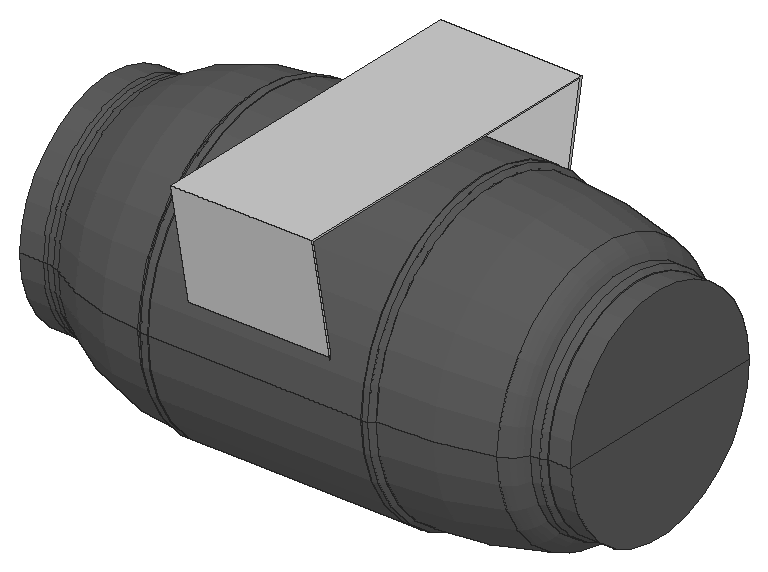
Revit family "90002106 - Aventa Silent AVS 315 - BIM file", category Mechanical Equipment, Revit 2023
Family settings
  Round Connector Dimension = Use Diameter
  Classification = None
  Part Type = Breaks Into
  OmniClass Number = 23.75.35.17.11
  OmniClass Title = Fans for Air Ductwork
  Work Plane-Based = No
  Always vertical = No
  Cut with Voids When Loaded = No
  Maintain Annotation Orientation = No
  Shared = No
  Room Calculation Point = No
Parameters (values of type "Aventa Silent AVS315 Basic")
  Weight = 25.00 kg
  Voltage = 230 V
  URL = "https://www.airflow.com/"
  Type Comments = "Inline fan single speed up to 1570m3/h"
  Transported Air Temperature (°C) = "-25...+60"
  RPM (min-1) = 2430
  R1 = D1 / 2  # 216 mm
  Protection rating = "IPX4"
  Power Factor = 1
  Number of Poles = 1
  Noise Level at 3 m (dBa) = 36
  Mounting Hanger [instance] = yes
  Material finish = "Polymer Coated Steel"
  Maintenance Zone Length Calc = if(Maintenance Zone Length < L, L, Maintenance Zone Length)  # 780 mm
  L27 = 10 mm
  L26 = 6 mm
  L25 = L21 - L22 - L23 - L24 - L26 - L27  # 154 mm
  L24 = 27 mm
  L21 = 218 mm
  L17 = 10 mm
  L16 = 6 mm
  L15 = L11 - L12 - L13 - L14 - L16 - L17  # 153 mm
  L14 = 10 mm
  L11 = 195 mm
  HangerW = 200 mm
  HangerL1 = 396 mm
  HangerL = 478 mm
  HangerH = HangerBaseH  # 219 mm
  HangerExtraL = no
  HangerBaseH = 219 mm
  Model = "Aventa Silent AVS315 Basic"
  Manufacturer = "Airflow"
  Maintenance Zone Width = 600 mm
  Maintenance Zone Material = Maintenance Zone
  Maintenance Zone Length = 600 mm
  Maintenance Zone Height = 600 mm
  Maintenance Zone [instance] = no
  Load Classification = HVAC
  L23 = 13 mm
  L22 = 8 mm
  L2 = 32 mm
  L13 = 8 mm
  L12 = 8 mm
  L1 = 32 mm
  L = 780 mm
  Hanger Material = Metal Zinc
  Flow direction symbol [instance] = yes
  Flow Factor [instance] = 1  # constant formula
  Family Version = "1.0"  # constant formula
  ElBoxW = 104 mm
  ElBoxR = 15 mm  # constant formula
  ElBoxL = 104 mm
  ElBoxH = 53 mm
  Distribution Box Material = Distribution Box Dark Grey
  Dimensions = "(H) 434 x (W) 780 x (D) 520mm"
  Description = "Inline mixed-flow fan suitable for domestic and light commercial facilities"
  Default Elevation = 0 mm
  Dd26 = 52 mm
  Dd24 = 30 mm
  Dd22 = 5 mm
  Dd23 = 6 mm
  Dd16 = 55 mm
  Dd14 = 6 mm
  Dd13 = 2 mm
  Dd12 = 1 mm
  D1 = 432 mm
  D = 315 mm
  Copyright = "©Airflow"
  Duct Connection Size = 315 mm
  Fan Material = Metal Black
  Maximum Air Flow = 1570 m³/h
  Airflow part no = "90002106"
  Air Flow [instance] = 0 m³/h
  Power = 230 W
  Current = 1 A
  Apparent Power = Power / Power Factor  # 230 VA
Types (2, lengths in mm): name | Voltage | Type Comments | Noise Level at 3 m (dBa) | Model | Maximum Air Flow | Airflow part no | Power | Current | Apparent Power
  Aventa Silent AVS315 Basic | 230 V | "Inline fan single speed up to 1570m3/h" | 36 | "Aventa Silent AVS315 Basic" | 1570 m³/h | "90002106" | 230 W | 1 A | 230 VA
  Aventa Silent AV315 Timer | 330 V | "Inline fan single speed up to 2050m3/h" | 40 | "Aventa Silent AVS315 Timer" | 2050 m³/h | "90002123" | 330 W | 1.42 A | 330 VA
Reference planes
  plane 1 "Center (Front/Back)": y = 0
  plane 2: z = 0
  plane 3 "Center (Left/Right)": x = 0
  plane 4: y = 157.5
  plane 5: y = -157.5
  plane 6: y = 216
  plane 7: y = -216
  plane 8: x = 780
  plane 9 "C": x = 530
  plane 10: x = 227
  plane 11 "CenterL": x = 390
  plane 12: x = 32
  plane 13: x = 217
  plane 14: y = 158.5
  plane 15 "CenterOfCentralPart": x = 378.5
  plane 16 "ElBoxHeight": z = -53
  plane 17 "HangerHeight": z = 219
  plane 18: y = 159.5
  plane 19: y = 163.5
  plane 20: x = 58
  plane 21: x = 48
  plane 22: x = 40
  plane 23: x = 211
  plane 24: y = 212.5
  plane 25: x = 212
  plane 26: x = 540
  plane 27: y = 162.5
  plane 28: y = 163.5
  plane 29: y = 187.5
  plane 30: x = 700
  plane 31: x = 727
  plane 32: x = 740
  plane 33: x = 546
  plane 34: y = 209.5
  plane 35: x = 545
  plane 36: x = 748
Forms (mm)
  Revolve 1, solid, material "Metal Black" <- "Fan Material", detail levels medium+fine
    sketch origin (368, 0, 0) x (1, 0, 0) y (0, 1, 0)
      loop
        line (-336, 0) -> (-141, 0) -> (-141, 216) -> (-151, 216) -> (-156, 212.5) -> (-157, 212.5)
        arc (-157, 212.5) -> (-237.327, 199.951) -> (-310, 163.5) r 263.367
        arc (-310, 163.5) -> (-315.006, 161.515) -> (-320, 159.5) r 901.889
        line (-320, 159.5) -> (-328, 158.5) -> (-336, 157.5) -> (-336, 0)
      axis (-141, 0) -> (-336, 0)
    angle from 0 to 360
  Revolve 2, solid, material "Metal Black" <- "Fan Material", detail levels medium+fine
    sketch origin (368, 0, 0) x (1, 0, 0) y (0, 1, 0)
      loop
        line (380, 157.5) -> (380, 0) -> (412, 0) -> (412, 157.5) -> (380, 157.5)
      axis (412, 0) -> (380, 0)
    angle from 0 to 360
  Revolve 3, solid, material "Metal Black" <- "Fan Material", detail levels medium+fine
    sketch origin (368, 0, 0) x (1, 0, 0) y (0, 1, 0)
      loop
        line (-368, 157.5) -> (-368, 0) -> (-336, 0) -> (-336, 157.5) -> (-368, 157.5)
      axis (-336, 0) -> (-368, 0)
    angle from 0 to 360
  Revolve 4, solid, material "Metal Black" <- "Fan Material", detail levels medium+fine
    sketch origin (0, 0, 0) x (1, 0, 0) y (0, 1, 0)
      loop
        line (227, 216) -> (227, 0) -> (530, 0) -> (530, 216) -> (227, 216)
      axis (227, 0) -> (530, 0)
    angle from 0 to 360
  Revolve 5, solid, material "Metal Black" <- "Fan Material", detail levels medium+fine
    sketch origin (117, 0, 0) x (-1, 0, 0) y (0, 1, 0)
      loop
        line (-631, 0) -> (-413, 0) -> (-413, 216) -> (-423, 216) -> (-428, 209.5) -> (-429, 209.5)
        arc (-429, 209.5) -> (-506.782, 203.972) -> (-583, 187.5) r 550
        arc (-583, 187.5) -> (-599.201, 178.539) -> (-610, 163.5) r 42.151
        line (-610, 163.5) -> (-623, 162.5) -> (-631, 157.5) -> (-631, 0)
      axis (-413, 0) -> (-631, 0)
    angle from 0 to 360
Cuts and joins
  joined: Revolve 1, Revolve 3
Dimensions and locks
  equal spacing: plane 4, plane 1 "Center (Front/Back)", plane 5
  "D": plane 4 to plane 5
  equal spacing: plane 7, plane 1 "Center (Front/Back)", plane 6
  "D1": plane 6 to plane 7
  "L": plane 3 "Center (Left/Right)" to plane 8
  equal spacing: plane 3 "Center (Left/Right)", plane 11 "CenterL", plane 8
  "L1": plane 3 "Center (Left/Right)" to plane 12
  "Dd12": plane 14 to plane 4
  equal spacing: plane 10, plane 15 "CenterOfCentralPart", plane 9 "C"
  "ElBoxH": level to plane 16 "ElBoxHeight"
  "HangerBaseH": plane 17 "HangerHeight" to level
  "Dd13": plane 18 to plane 4
  "Dd14": plane 19 to plane 4
  "L11": plane 12 to plane 10
  "L12": plane 12 to plane 22
  "L13": plane 22 to plane 21
  "L14": plane 21 to plane 20
  "L17": plane 13 to plane 10
  "L16": plane 23 to plane 13
  "Dd16": plane 24 to plane 4
  locked: plane 23 to plane 25 at 1
  "L23": plane 32 to plane 31
  "L24": plane 31 to plane 30
  "L26": plane 33 to plane 26
  locked: plane 33 to plane 35 at 1
  "L2": plane 36 to plane 8
  "L21": plane 9 "C" to plane 36
  "L22": plane 32 to plane 36
  "L27": plane 9 "C" to plane 26
  "Dd22": plane 27 to plane 4
  "Dd23": plane 28 to plane 4
  "Dd24": plane 29 to plane 4
  "Dd26": plane 34 to plane 4
  locked: plane 15 "CenterOfCentralPart" to nested 6
  aligned and locked: level to plane 2
  aligned and locked: plane 4 to Revolve 2 sketch curve
  aligned and locked: Revolve 2 sketch curve to plane 8
  aligned and locked: Revolve 2 sketch curve to plane 1 "Center (Front/Back)"
  aligned and locked: Revolve 3 sketch curve to plane 4
  aligned and locked: Revolve 3 sketch curve to plane 1 "Center (Front/Back)"
  aligned and locked: plane 3 "Center (Left/Right)" to Revolve 3 sketch curve
  aligned and locked: plane 1 "Center (Front/Back)" to nested 1
  aligned and locked: nested 2 to level
  aligned and locked: plane 1 "Center (Front/Back)" to nested 3
  aligned and locked: nested 3 to plane 3 "Center (Left/Right)"
  aligned and locked: plane 1 "Center (Front/Back)" to nested 4
  aligned and locked: Revolve 4 sketch curve to plane 6
  aligned and locked: Revolve 4 sketch curve to nested 4
  aligned and locked: Revolve 4 sketch curve to Revolve 4 sketch curve  (x2)
  aligned and locked: plane 11 "CenterL" to nested 4
  aligned and locked: Revolve 4 sketch curve to plane 9 "C"
  aligned and locked: plane 15 "CenterOfCentralPart" to nested 1
  aligned and locked: plane 15 "CenterOfCentralPart" to nested 2
  aligned and locked: nested 5 to plane 1 "Center (Front/Back)"
  aligned and locked: plane 15 "CenterOfCentralPart" to nested 5
  aligned and locked: Revolve 1 sketch curve to plane 1 "Center (Front/Back)"
  aligned and locked: plane 4 to Revolve 1 sketch curve
  aligned and locked: plane 1 "Center (Front/Back)" to Revolve 1 sketch curve
  aligned and locked: Revolve 1 sketch curve to plane 6
  aligned and locked: plane 25 to Revolve 1 sketch curve
  aligned and locked: plane 24 to Revolve 1 sketch curve
  aligned and locked: Revolve 5 sketch curve to plane 35
  aligned and locked: Revolve 5 sketch curve to plane 34
  aligned and locked: Revolve 2 to plane 36
Automatic sketch dimensions
  plane 1 "Center (Front/Back)" to Revolve 2 sketch curve = 0 mm
  Revolve 2 sketch curve to plane 8 = 32 mm
  Revolve 2 sketch curve to plane 3 "Center (Left/Right)" = 1632 mm
  Revolve 2 sketch curve to Revolve 2 sketch curve = 2138 mm
  plane 1 "Center (Front/Back)" to Revolve 3 sketch curve = 0 mm
  Revolve 3 sketch curve to plane 12 = 0 mm
  Revolve 3 sketch curve to plane 3 "Center (Left/Right)" = 1646 mm
  plane 8 to Revolve 3 sketch curve = 2149 mm
  Revolve 4 sketch curve to plane 10 = 0 mm
  Revolve 4 sketch curve to plane 11 "CenterL" = 0 mm
  Revolve 1 sketch curve to plane 12 = 0 mm
  Revolve 1 sketch curve to plane 14 = 0 mm
  Revolve 1 sketch curve to plane 22 = 0 mm
  Revolve 1 sketch curve to plane 18 = 0 mm
  Revolve 1 sketch curve to plane 21 = 0 mm
  Revolve 1 sketch curve to plane 19 = 0 mm
  Revolve 1 sketch curve to plane 20 = 0 mm
  Revolve 1 sketch curve to plane 23 = 0 mm
  Revolve 1 sketch curve to plane 13 = 0 mm
  Revolve 1 sketch curve to plane 10 = 0 mm
  Revolve 1 sketch curve to plane 11 "CenterL" = 2.053 mm
  Revolve 1 sketch curve to plane 3 "Center (Left/Right)" = 2000 mm
  plane 8 to Revolve 1 sketch curve = 1495 mm
  plane 1 "Center (Front/Back)" to Revolve 5 sketch curve = 0 mm  (x2)
  Revolve 5 sketch curve to plane 36 = 0 mm
  plane 27 to Revolve 5 sketch curve = 0 mm
  Revolve 5 sketch curve to plane 32 = 0 mm
  plane 28 to Revolve 5 sketch curve = 0 mm
  Revolve 5 sketch curve to plane 31 = 0 mm
  Revolve 5 sketch curve to plane 29 = 0 mm  (x2)
  Revolve 5 sketch curve to plane 30 = 0 mm
  Revolve 5 sketch curve to plane 33 = 0 mm
  Revolve 5 sketch curve to plane 6 = 0 mm
  Revolve 5 sketch curve to plane 26 = 0 mm
  Revolve 5 sketch curve to plane 9 "C" = 0 mm
  plane 4 to Revolve 5 sketch curve = 0 mm
  Revolve 5 sketch curve to plane 8 = 1980 mm
  plane 3 "Center (Left/Right)" to Revolve 5 sketch curve = 1515 mm
Nested families
  nested 1: "GraphicalSymbol_Fun_FlowDirection" at (378.5, 0, 0), visible <- "Flow direction symbol", type "GraphicalSymbol_Fun_FlowDirection", detail levels medium+fine
    with Length 50 mm, Height 50 mm, B 25 mm, A 16.667 mm
  nested 2: "GraphicalSymbol_Fun_FlowDirection" at (378.5, 0, 0) x (1, 0, 0) z (0, -1, 0), type "GraphicalSymbol_Fun_FlowDirection"
    with Length 50 mm, Height 50 mm, B 25 mm, A 16.667 mm
  nested 3: "GraphicalSymbol_Fan_1" at (390, 0, 0), type "GraphicalSymbol_Fan_1", detail levels coarse
    with Diameter 780 mm, A 195 mm
  nested 4: "MaintenanceZone_Rect" at (390, 0, 0), visible <- "Maintenance Zone", type "MaintenanceZone_Rect", detail levels medium+fine
    with Maintenance Zone Width 600 mm, Maintenance Zone Length 780 mm, Maintenance Zone Height 600 mm
  nested 5: "MountingHanger" at (378.5, 0, 219) x (0, 1, 0) z (0, 0, -1), visible <- "Mounting Hanger", type "MountingHanger", detail levels medium+fine
  nested 6: "DistributionBox" at (378.5, -228.605, 166.01) x (1, 0, 0) z (0, -0.9813, -0.1925), type "DistributionBox", not visible, detail levels medium+fine
    with Hcon 26.5 mm, H1 53 mm, ConD 20 mm, ConB 26 mm, ConA 26 mm, B 104 mm, A 104 mm
Connectors
  hvac at (0, 0, 0), driven by "Duct Connection Size", driven by "Air Flow"
    settings: on cut or joined group of Revolve 1, Revolve 3, index 4, duct flow 0 m³/h, flow factor 0, pres drop 0.0 Pa, loss coef 0, conn angle 0.00°, conn width 304.8 mm, conn height 304.8 mm, conn diameter 315 mm, duct sys type 29, conn prof type 0, flow config 0, flow direction 0, loss method 0, conn ref index 5, conn util no, is conn primary yes, conn desc ""
  hvac at (780, 0, 0), driven by "Duct Connection Size"
    settings: on Revolve 2, index 5, duct flow 0 m³/h, flow factor 0, pres drop 0.0 Pa, loss coef 0, conn angle 0.00°, conn width 304.8 mm, conn height 304.8 mm, conn diameter 315 mm, duct sys type 28, conn prof type 0, flow config 0, flow direction 0, loss method 0, conn ref index 4, conn util no, is conn primary no, conn desc ""
  electrical at (378.5, -264.619, 211.936), driven by "Number of Poles", driven by "Load Classification", driven by "Voltage", driven by "Apparent Power", driven by "Power Factor"
    settings: on nested 6, index 7, voltage 230 V, apparent load 230 VA, apparent load phase1 0 VA, apparent load phase2 0 VA, apparent load phase3 0 VA, power factor 1, load classification "HVAC", number of poles 1, system type 30, power factor state 1, is connector primary yes, connector utility no, sub classification motor no, connector description ""
Definition of nested family "MaintenanceZone_Rect"
  Parameters (values of type "MaintenanceZone_Rect")
    Maintenance Zone Width = 500 mm
    Material = none
    Maintenance Zone Length = 1000 mm
    Maintenance Zone Height = 300 mm
    Family Version = ""
    Default Elevation = 1219.2 mm
    Copyright = ""
  Reference planes
    plane 1 "Center (Front/Back)": y = 0
    plane 2: z = 0
    plane 3 "Center (Left/Right)": x = 0
    plane 4: x = -500
    plane 5: x = 500
    plane 6: y = 250
    plane 7: y = -250
    plane 8: z = -300
  Forms (mm)
    Extrusion 1, solid, material <- "Material", detail levels medium+fine
      sketch origin (0, 0, 0) x (1, 0, 0) y (0, 1, 0)
        loop
          line (-500, 250) -> (-500, -250) -> (500, -250) -> (500, 250) -> (-500, 250)
      from 0 to -300
  Lines and regions (mm)
    symbolic lines, detail levels medium+fine
      curve 1: line (-500, 0, 0) -> (500, 0, 0)
      curve 2: line (-500, 0, -300) -> (-500, 0, 0)
      curve 3: line (500, 0, -300) -> (-500, 0, -300)
      curve 4: line (500, 0, 0) -> (500, 0, -300)
      curve 5: line (0, 250, 0) -> (0, -250, 0)
      curve 6: line (0, 250, -300) -> (0, 250, 0)
      curve 7: line (0, -250, -300) -> (0, 250, -300)
      curve 8: line (0, -250, 0) -> (0, -250, -300)
      curve 9: line (-500, 250, 0) -> (500, 250, 0)
      curve 10: line (-500, -250, 0) -> (-500, 250, 0)
      curve 11: line (500, -250, 0) -> (-500, -250, 0)
      curve 12: line (500, 250, 0) -> (500, -250, 0)
  Dimensions and locks
    equal spacing: plane 6, plane 1 "Center (Front/Back)", plane 7
    equal spacing: plane 4, plane 3 "Center (Left/Right)", plane 5
    "Maintenance Zone Width": plane 6 to plane 7
    "Maintenance Zone Length": plane 4 to plane 5
    "Maintenance Zone Height": plane 2 to plane 8
    aligned and locked: level to plane 2
    aligned and locked: Extrusion 1 sketch curve to plane 6
    aligned and locked: plane 4 to Extrusion 1 sketch curve
    aligned and locked: plane 7 to Extrusion 1 sketch curve
    aligned and locked: Extrusion 1 sketch curve to plane 5
    aligned and locked: Extrusion 1 to plane 8
    aligned and locked: curve 1 to Extrusion 1
    aligned and locked: curve 2 to Extrusion 1
    aligned and locked: curve 3 to Extrusion 1
    aligned and locked: curve 4 to Extrusion 1
    aligned and locked: curve 5 to Extrusion 1
    aligned and locked: curve 6 to Extrusion 1
    aligned and locked: curve 7 to Extrusion 1
    aligned and locked: curve 8 to Extrusion 1
    aligned and locked: curve 9 to Extrusion 1
    aligned and locked: curve 10 to Extrusion 1
    aligned and locked: curve 11 to Extrusion 1
    aligned and locked: curve 12 to Extrusion 1
Definition of nested family "MountingHanger"
  Parameters (values of type "MountingHanger")
    Width1 = Width * 0.8  # 160 mm
    Width = 200 mm
    Thikness = 2 mm
    Material = none
    Length2 = Length + 20 mm * 2  # 518 mm
    Length = 478 mm
    Lenght1Calc = if(Length1 = Length, Length - 0.5 mm, Length1)  # 396 mm
    Length1 = 396 mm
    Height1 = 10 mm
    Height = 219 mm
    ExtraLength = no
    Default Elevation = 1219.2 mm
  Reference planes
    plane 1 "Center (Front/Back)": y = 0
    plane 2: z = 0
    plane 3 "Center (Left/Right)": x = 0
    plane 4: x = -239
    plane 5: x = 239
    plane 6: y = 100
    plane 7: y = -100
    plane 8: z = 219
    plane 9: x = -198
    plane 10: x = 198
    plane 11: z = 209
    plane 12: y = 80
    plane 13: y = -80
    plane 14: x = -259
    plane 15: x = 259
    plane 16: x = -239
    plane 17: x = 239
  Forms (mm)
    Extrusion 1, solid, material <- "Material"
      sketch origin (0, 0, 0) x (1, 0, 0) y (0, 0, 1)
        loop
          line (-198, 209) -> (-239, 0) -> (239, 0) -> (198, 209) -> (198, 219) -> (196, 219) -> (196, 208.806) -> (236.57, 2) -> (-236.57, 2) -> (-196, 208.806) -> (-196, 219) -> (-198, 219) -> (-198, 209)
      from -100 to 100
    Extrusion 2, solid, material <- "Material", visible <- "ExtraLength"
      sketch origin (0, 0, 0) x (1, 0, 0) y (0, 1, 0)
        loop
          line (-259, 80) -> (-259, -80) -> (-239, -80) -> (-239, 80) -> (-259, 80)
        loop
          line (239, 80) -> (239, -80) -> (259, -80) -> (259, 80) -> (239, 80)
      from 0 to 2
  Dimensions and locks
    equal spacing: plane 4, plane 3 "Center (Left/Right)", plane 5
    "Length": plane 4 to plane 5
    plane 8 to level = 219 mm
    equal spacing: plane 6, plane 1 "Center (Front/Back)", plane 7
    "Width": plane 6 to plane 7
    "Height": plane 8 to level
    "Thikness": Extrusion 1 sketch curve to level
    "Thikness": Extrusion 1 sketch curve to Extrusion 1 sketch curve  (x2)
    "Thikness": Extrusion 1 sketch curve to plane 9
    "Thikness": plane 10 to Extrusion 1 sketch curve
    equal spacing: plane 9, plane 3 "Center (Left/Right)", plane 10
    "Lenght1Calc": plane 9 to plane 10
    "Height1": plane 8 to plane 11
    equal spacing: plane 12, plane 1 "Center (Front/Back)", plane 13
    "Width1": plane 12 to plane 13
    equal spacing: plane 14, plane 3 "Center (Left/Right)", plane 15
    "Length2": plane 14 to plane 15
    "Thikness": Extrusion 2 to level
    equal spacing: plane 16, plane 3 "Center (Left/Right)", plane 17
    "Length": plane 16 to plane 17
    aligned and locked: level to plane 2
    aligned and locked: plane 6 to Extrusion 1
    aligned and locked: Extrusion 1 to plane 7
    aligned and locked: plane 9 to Extrusion 1 sketch curve
    aligned and locked: plane 10 to Extrusion 1 sketch curve
    aligned and locked: Extrusion 2 sketch curve to plane 12  (x2)
    aligned and locked: plane 14 to Extrusion 2 sketch curve
    aligned and locked: plane 13 to Extrusion 2 sketch curve  (x2)
    aligned and locked: Extrusion 2 sketch curve to plane 16
    aligned and locked: plane 17 to Extrusion 2 sketch curve
    aligned and locked: Extrusion 2 sketch curve to plane 15
  Automatic sketch dimensions
    Extrusion 1 sketch curve to level = 0 mm
    Extrusion 1 sketch curve to plane 4 = 0 mm
    Extrusion 1 sketch curve to plane 5 = 0 mm
    Extrusion 1 sketch curve to plane 11 = 0 mm  (x2)
    Extrusion 1 sketch curve to plane 8 = 0 mm  (x2)
Definition of nested family "DistributionBox"
  Parameters (values of type "DistributionBox")
    Hcover = 10 mm
    Hcon = H1 / 2  # 12.5 mm
    H1 = 25 mm
    Distribution Box Material = none
    Default Elevation = 1219.2 mm
    ConD = 12 mm
    ConB = B / 4  # 12.5 mm
    ConA = A / 4  # 12.5 mm
    B = A  # 50 mm
    A = 50 mm
  Reference planes
    plane 1 "Center (Front/Back)": y = 0
    plane 2: z = 0
    plane 3 "Center (Left/Right)": x = 0
    plane 4: x = -25
    plane 5: x = 25
    plane 6 "Back": y = 25
    plane 7 "Front": y = -25
    plane 8: z = 25
    plane 9: z = 35
    plane 10: x = -12.5
    plane 11: x = 12.5
    plane 12: y = 12.5
    plane 13: y = -12.5
    plane 14: z = 12.5
  Forms (mm)
    Extrusion 1, solid, material <- "Distribution Box Material"
      sketch origin (0, 0, 0) x (1, 0, 0) y (0, 1, 0)
        loop
          arc (-22, 25) -> (-24.121, 24.121) -> (-25, 22) r 3
          line (-25, 22) -> (-25, -22)
          arc (-25, -22) -> (-24.121, -24.121) -> (-22, -25) r 3
          line (-22, -25) -> (22, -25)
          arc (22, -25) -> (24.121, -24.121) -> (25, -22) r 3
          line (25, -22) -> (25, 22)
          arc (25, 22) -> (24.121, 24.121) -> (22, 25) r 3
          line (22, 25) -> (-22, 25)
      from 0 to 25
    Extrusion 2, solid, material <- "Distribution Box Material"
      sketch origin (0, 0, 0) x (1, 0, 0) y (0, 1, 0)
        loop
          arc (-22, 25) -> (-24.121, 24.121) -> (-25, 22) r 3
          line (-25, 22) -> (-25, -22)
          arc (-25, -22) -> (-24.121, -24.121) -> (-22, -25) r 3
          line (-22, -25) -> (22, -25)
          arc (22, -25) -> (24.121, -24.121) -> (25, -22) r 3
          line (25, -22) -> (25, 22)
          arc (25, 22) -> (24.121, 24.121) -> (22, 25) r 3
          line (22, 25) -> (-22, 25)
      from 25 to 35
    Extrusion 3, void
      sketch origin (-568.953, -25, 1200) x (1, 0, 0) y (0, 0, 1)
        loop
          circle (556.453, -1187.5) r 6
        loop
          circle (581.453, -1187.5) r 6
      from -2.025 to 0
    Extrusion 4, void
      sketch origin (0, 25, 0) x (-1, 0, 0) y (0, 0, 1)
        loop
          circle (-12.5, 12.5) r 6
        loop
          circle (12.5, 12.5) r 6
      from 0 to -2
  Cuts and joins
    Extrusion 3, Extrusion 4 cuts Extrusion 1
    Extrusion 3 cuts Extrusion 2
  Dimensions and locks
    equal spacing: plane 6 "Back", plane 1 "Center (Front/Back)", plane 7 "Front"
    equal spacing: plane 4, plane 3 "Center (Left/Right)", plane 5
    "A": plane 6 "Back" to plane 7 "Front"
    "B": plane 4 to plane 5
    "H1": level to plane 8
    "Hcover": plane 8 to plane 9
    "ConA": plane 1 "Center (Front/Back)" to plane 12
    "ConA": plane 13 to plane 1 "Center (Front/Back)"
    "ConB": plane 10 to plane 3 "Center (Left/Right)"
    "ConB": plane 3 "Center (Left/Right)" to plane 11
    "Hcon": plane 14 to level
    "ConD": diameter of Extrusion 3 sketch curve  (x2)
    "ConD": diameter of Extrusion 4 sketch curve  (x2)
    aligned and locked: level to plane 2
    aligned and locked: Extrusion 1 sketch curve to plane 6 "Back"
    aligned and locked: plane 4 to Extrusion 1 sketch curve
    aligned and locked: plane 7 "Front" to Extrusion 1 sketch curve
    aligned and locked: Extrusion 1 sketch curve to plane 5
    aligned and locked: plane 8 to Extrusion 1
    aligned and locked: plane 4 to Extrusion 2 sketch curve
    aligned and locked: Extrusion 2 sketch curve to plane 5
    aligned and locked: Extrusion 2 sketch curve to plane 6 "Back"
    aligned and locked: plane 7 "Front" to Extrusion 2 sketch curve
    aligned and locked: Extrusion 2 to plane 8
    aligned and locked: plane 9 to Extrusion 2
  Automatic sketch dimensions
    Extrusion 1 sketch curve to Extrusion 1 sketch curve = 3 mm  (x2)
    Extrusion 1 sketch curve to plane 5 = 3 mm  (x2)
    plane 4 to Extrusion 2 sketch curve = 3 mm
    Extrusion 2 sketch curve to Extrusion 2 sketch curve = 3 mm
    Extrusion 2 sketch curve to plane 5 = 3 mm  (x2)
    Extrusion 3 sketch curve to plane 10 = 0 mm
    Extrusion 3 sketch curve to plane 11 = 0 mm
    Extrusion 3 sketch curve to plane 14 = 0 mm  (x2)
    Extrusion 4 sketch curve to plane 11 = 0 mm
    Extrusion 4 sketch curve to plane 10 = 0 mm
    Extrusion 4 sketch curve to plane 14 = 0 mm  (x2)
Definition of nested family "GraphicalSymbol_Fun_FlowDirection"
  Parameters (values of type "GraphicalSymbol_Fun_FlowDirection")
    Length = 100 mm
    Height = Length  # 100 mm
    B = Length / 2  # 50 mm
    A = Length / 3  # 33.333 mm
  Reference planes
    plane 1 "Center (Front/Back)": y = 0
    plane 2: z = 0
    plane 3 "Center (Left/Right)": x = 0
    plane 4: x = -33.333
    plane 5: x = 50
    plane 6: y = 50
    plane 7: y = -50
  Lines and regions (mm)
    detail lines, in view "Ref. Level"
      curve 1: line (-33.333, 50, 0) -> (-33.333, -50, 0)
      curve 2: line (50, 0, 0) -> (-33.333, -50, 0)
      curve 3: line (50, 0, 0) -> (-33.333, 50, 0)
  Dimensions and locks
    "A": plane 4 to plane 3 "Center (Left/Right)"
    "B": plane 3 "Center (Left/Right)" to plane 5
    equal spacing: plane 6, plane 1 "Center (Front/Back)", plane 7
    "Height": plane 6 to plane 7
    aligned and locked: curve 1 to plane 4
  Automatic sketch dimensions
    plane 1 "Center (Front/Back)" to curve 3 = 0 mm
    curve 3 to plane 5 = 0 mm
    curve 2 to plane 7 = 0 mm
    curve 3 to plane 6 = 0 mm
Definition of nested family "GraphicalSymbol_Fan_1"
  Parameters (values of type "GraphicalSymbol_Fan_1")
    Diameter = 100 mm
    Default Elevation = 1219.2 mm
    A = Diameter / 4  # 25 mm
  Reference planes
    plane 1 "Center (Front/Back)": y = 0
    plane 2: z = 0
    plane 3 "Center (Left/Right)": x = 0
    plane 4: x = -25
  Lines and regions (mm)
    model lines
      curve 1: circle (0, 0, 0) r 50 normal (0, 0, 1)
      curve 4: line (-25, 43.301, 0) -> (-25, -43.301, 0)
      curve 5: line (-25, 43.301, 0) -> (50, 0, 0)
      curve 6: line (-25, -43.301, 0) -> (50, 0, 0)
    reference lines
      curve 2: line (50, 141.389, 0) -> (50, -158.611, 0)
      curve 3: line (-50, 141.389, 0) -> (-50, -158.611, 0)
  Dimensions and locks
    equal spacing: curve 3, plane 3 "Center (Left/Right)", curve 2
    "Diameter": curve 3 to curve 2
    "A": plane 4 to plane 3 "Center (Left/Right)"
    "Diameter": diameter of curve 1
    aligned and locked: level to plane 2
  Automatic sketch dimensions
    curve 4 to plane 4 = 0 mm
    plane 1 "Center (Front/Back)" to curve 1 = 0 mm
    curve 1 to plane 3 "Center (Left/Right)" = 0 mm
    plane 1 "Center (Front/Back)" to curve 6 = 0 mm
    plane 1 "Center (Front/Back)" to curve 2 = 158.611 mm
    curve 3 to curve 2 = 0 mm  (x2)
    curve 3 to plane 1 "Center (Front/Back)" = 141.389 mm
